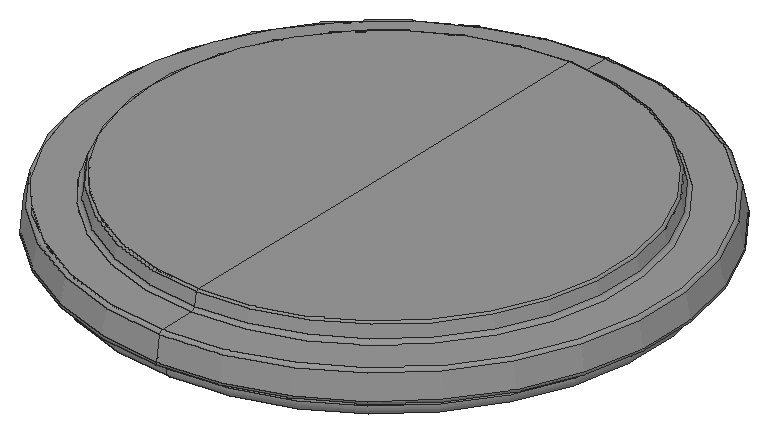
Revit family "FMK13_63_UN_Surface-mounted_ETK", category Lighting Fixtures, Revit 2017 (continued)
Definition of nested family "FMK.1 - Lightsource"
  Types (13, lengths in mm): name | Wattage Comments | Photometric Web File | built-in parameter 1150142 | Apparent Load
      25.7813\t106.5085\r\n88.2355\t70.5452\t54.1615\t7.8573\t0\t0\r\n604.9325\t604.7176\t603.7796\t601.7596\t599.0029\t595.4393\t591.2503\t586.1635\t580.3285\t573.8209\r\n566.5729\t558.4662\t549.5574\t539.959\t529.6359\t518.622\t506.8968\t494.5226\t481.3277\t467.6546\r\n453.3728\t438.6295\t423.5379\t407.4691\t390.6461\t373.1217\t355.4348\t337.4507\t319.172\t300.5231\r\n281.7847\t262.9024\t244.0497\t224.0008\t203.7622\t183.799\t164.2428\t144.9022\t125.7293\t107.5918\r\n88.8514\t71.1298\t54.4435\t38.5694\t0\t0\r\n604.9325\t604.7494\t603.8591\t602.1349\t599.1772\t595.6368\t591.4608\t586.3802\t580.5395\t573.9061\r\n566.6576\t558.7326\t549.8582\t540.3013\t530.0523\t519.0994\t507.4605\t495.1326\t482.1254\t468.5441\r\n454.2405\t439.307\t423.9316\t408.0499\t391.4158\t374.6547\t357.1749\t339.1212\t320.3753\t301.4552\r\n282.4058\t263.17\t243.6782\t224.3313\t205.2234\t185.5059\t165.095\t145.3835\t126.4193\t107.5003\r\n89.5871\t71.6948\t54.518\t36.9883\t0\t0\r\n604.9325\t604.7798\t603.933\t602.2606\t599.5824\t595.8575\t591.7058\t586.6435\t580.8116\t574.1898\r\n566.9202\t558.8521\t549.9829\t540.4445\t530.3688\t519.4493\t507.8531\t495.5801\t482.6631\t469.1248\r\n454.9178\t440.2534\t424.928\t409.1933\t392.26\t375.0811\t357.6797\t339.8697\t321.5662\t303.0997\r\n284.0796\t264.4382\t244.6256\t224.8094\t205.0348\t185.2383\t165.9856\t147.0073\t127.0858\t107.9981\r\n89.7259\t72.2025\t55.0032\t33.0733\t2.9733\t0\r\n604.9325\t604.8087\t604.0009\t602.3737\t599.7493\t596.298\t592.2\t587.1644\t581.1454\t574.5515\r\n567.2809\t559.2119\t550.3447\t540.7829\t530.5511\t519.5979\t508.0056\t495.7365\t482.8831\t469.4721\r\n455.32\t440.7056\t425.4497\t409.8313\t392.9182\t375.989\t358.654\t340.8931\t322.57\t303.9496\r\n284.9419\t265.4893\t245.963\t226.2227\t206.5172\t186.1591\t166.2968\t146.6662\t127.4699\t108.8866\r\n90.4763\t72.3236\t55.4787\t29.4388\t16.9564\t0\r\n604.9325\t604.8361\t604.0626\t602.4735\t599.8962\t596.4937\t592.4457\t587.4678\t581.7164\t575.1773\r\n567.9349\t559.8858\t551.0519\t541.472\t531.0513\t520.0748\t508.4733\t496.1692\t483.3366\t469.7223\r\n455.551\t440.858\t425.587\t409.8699\t393.2087\t376.3423\t359.0181\t341.2638\t323.0544\t304.5645\r\n285.6675\t266.4002\t246.9483\t227.2771\t207.4642\t187.5942\t167.7977\t148.0403\t128.3798\t109.277\r\n90.5235\t72.6235\t56.3199\t28.8061\t14.3084\t0\r\n604.9325\t604.8617\t604.1182\t602.5602\t600.0226\t596.6587\t592.6458\t587.7121\t581.9995\t575.508\r\n568.2964\t560.2824\t551.501\t541.9643\t531.743\t520.7781\t509.1995\t496.8891\t484.1302\t470.4742\r\n456.3108\t441.5572\t426.2844\t410.4684\t394.0507\t377.1843\t359.8341\t342\t323.7882\t305.1042\r\n286.137\t266.7921\t247.3055\t227.5948\t207.825\t187.6657\t167.8486\t148.2204\t128.7693\t109.6958\r\n91.0828\t73.0008\t55.7332\t28.5158\t9.2535\t5.8306\r\n604.9325\t604.8858\t604.1675\t602.6336\t600.1283\t596.7932\t592.7994\t587.8971\t582.2037\t575.7372\r\n568.5319\t560.5294\t551.7717\t542.2778\t531.8858\t520.932\t509.3938\t497.098\t484.3744\t470.7813\r\n456.6695\t441.9743\t426.7397\t410.9949\t394.281\t377.6255\t360.349\t342.6082\t324.4077\t305.9467\r\n287.057\t267.8093\t248.3563\t228.6492\t208.8539\t188.9518\t169.1246\t149.344\t129.7127\t110.5106\r\n91.7654\t73.7774\t57.5617\t24.3495\t13.0724\t0\r\n604.9325\t604.9084\t604.2102\t602.6933\t600.2132\t596.897\t592.9066\t588.0227\t582.1208\t575.6725\r\n568.4733\t560.4987\t551.7845\t542.3932\t532.2197\t521.3168\t509.8504\t497.6049\t484.9598\t471.5946\r\n457.5683\t442.9406\t427.7495\t412.0765\t395.0762\t378.5872\t361.3233\t343.5924\t325.3398\t306.7643\r\n287.7814\t268.4081\t248.9004\t229.0701\t209.3799\t189.1876\t169.2491\t149.5934\t130.3692\t111.7187\r\n93.1623\t74.832\t56.0552\t30.1574\t17.757\t0\r\n604.9325\t604.9291\t604.2466\t602.7396\t600.277\t596.7549\t592.7641\t587.9288\t582.2718\t575.869\r\n568.7055\t560.782\t552.1376\t542.8605\t532.8647\t522.03\t510.6246\t498.4005\t485.7799\t472.303\r\n458.2807\t443.627\t428.3966\t412.6847\t395.7487\t379.043\t361.726\t344.0152\t325.8533\t307.4149\r\n288.4358\t268.8734\t249.1853\t229.375\t209.698\t190.0696\t170.6999\t151.6406\t131.5559\t112.2365\r\n93.7694\t75.9803\t57.7978\t36.3903\t3.3572\t0\r\n604.9325\t604.9482\t604.2766\t602.7724\t600.1026\t596.8317\t592.8688\t588.0895\t582.4821\t576.1402\r\n569.0311\t561.2923\t552.7151\t543.5197\t533.3842\t522.5693\t511.1655\t498.9339\t486.2842\t472.7688\r\n458.7265\t443.8734\t428.6057\t412.8898\t396.4891\t379.9651\t362.5484\t344.6873\t326.0862\t307.3448\r\n288.413\t269.2614\t249.8982\t230.6041\t211.5997\t191.9184\t171.4046\t151.5305\t132.3891\t113.1712\r\n95.0695\t77.0752\t59.9131\t42.0633\t0\t0\r\n604.9325\t604.9657\t604.2998\t602.5548\t600.1553\t596.9302\t593.0054\t588.2927\t582.7506\t576.6036\r\n569.5235\t561.6924\t553.1393\t543.9534\t533.8105\t523.0168\t511.5622\t499.366\t486.4926\t472.912\r\n459.0179\t444.3755\t429.4063\t413.6832\t397.1754\t379.8273\t362.3066\t344.5457\t326.4347\t308.0495\r\n289.4402\t270.7576\t251.9841\t231.9745\t211.6746\t191.7028\t172.0756\t152.6103\t133.1779\t114.8662\r\n95.9878\t78.1761\t61.1735\t45.795\t0\t0\r\n604.9325\t604.9814\t604.3167\t602.5756\t600.2201\t597.0494\t593.1734\t588.5362\t583.1793\t576.9316\r\n569.8621\t562.0891\t553.565\t544.2694\t534.1347\t523.3515\t511.7317\t499.6292\t486.9379\t473.6955\r\n459.8412\t444.9777\t429.3063\t413.3894\t396.8997\t380.0432\t362.8271\t345.3781\t327.6307\t309.5314\r\n291.5164\t271.8122\t251.8804\t231.996\t212.4087\t192.9384\t172.9802\t153.4783\t134.9195\t115.44\r\n97.1203\t79.0755\t62.4054\t9.3896\t0\t0\r\n604.9325\t604.9956\t604.3272\t602.6031\t600.2962\t597.1889\t593.3721\t588.9141\t583.4623\t577.2196\r\n570.1627\t562.4154\t553.8858\t544.5341\t534.2984\t523.5728\t512.1948\t500.5208\t487.6946\t473.958\r\n459.5435\t444.6901\t429.4465\t413.7537\t397.3341\t380.8483\t363.9506\t346.8691\t329.6427\t310.5199\r\n291.273\t271.8245\t252.461\t233.1913\t213.8417\t193.4848\t174.0151\t155.267\t135.3556\t116.4813\r\n97.8216\t80.1325\t63.6547\t0\t0\t0\r\n604.9325\t605.0081\t604.1035\t602.6372\t600.3825\t597.3475\t593.707\t589.127\t583.7094\t577.482\r\n570.4302\t562.6996\t554.1438\t544.6663\t534.7057\t524.3891\t513.0044\t500.7896\t487.3524\t473.6975\r\n459.518\t445.0085\t429.9797\t414.6206\t398.4095\t382.2407\t365.9518\t348.2711\t329.3178\t310.5274\r\n291.5796\t272.7277\t253.9408\t234.0297\t214.0457\t194.5929\t175.6982\t155.4975\t136.2802\t117.3421\r\n98.7646\t81.3279\t72.1805\t0\t0\t0\r\n604.9325\t605.019\t604.1119\t602.6779\t600.4786\t597.6426\t593.9105\t589.3438\t583.9467\t577.7191\r\n570.6656\t562.8212\t554.3085\t545.0755\t535.5347\t524.721\t513.0291\t500.3333\t487.3226\t473.9116\r\n459.8662\t445.6658\t430.8177\t415.8479\t400.1212\t383.9482\t365.8834\t347.7302\t329.562\t311.2079\r\n292.7026\t274.2517\t254.2433\t234.5137\t215.2238\t196.2482\t175.8172\t156.3581\t137.1786\t118.0156\r\n99.7925\t82.5063\t18.8432\t0\t0\t0\r\n604.9325\t605.0283\t604.1218\t602.7247\t600.583\t597.8102\t594.1046\t589.5447\t584.1685\t577.9335\r\n570.7476\t563.1054\t554.7514\t545.9018\t535.7763\t524.3683\t512.6077\t500.3662\t487.5755\t474.3762\r\n460.5654\t446.5906\t432.1211\t417.8057\t401.602\t383.3793\t365.8497\t348.1423\t330.3051\t312.4086\r\n294.1318\t274.1954\t254.8095\t235.669\t216.8273\t196.3608\t176.5926\t157.4869\t137.7906\t118.858\r\n100.818\t83.5993\t0\t0\t0\t0\r\n604.9325\t605.0361\t604.1334\t602.7774\t600.7864\t597.9704\t594.2876\t589.7308\t584.3744\t578.1281\r\n571.0018\t563.4848\t555.5833\t546.1282\t535.3695\t524.2805\t512.6836\t500.6473\t488.0744\t475.1119\r\n461.6374\t447.8475\t434.0262\t417.6448\t400.9644\t383.6448\t366.3432\t349.0233\t331.7904\t313.5353\r\n294.0128\t274.8492\t255.877\t237.208\t216.8648\t197.0235\t177.7961\t157.8749\t138.4358\t119.7504\r\n101.8852\t92.4739\t0\t0\t0\t0\r\n604.9325\t605.0425\t604.1466\t602.848\t600.8972\t598.1214\t594.4589\t589.9031\t584.5647\t578.2256\r\n571.3187\t564.2473\t555.8092\t545.7075\t535.2392\t524.3842\t512.9437\t501.1112\t488.7997\t476.1064\r\n463.0374\t449.343\t433.5399\t417.2783\t400.9627\t384.2803\t367.2588\t350.5131\t332.268\t313.3683\r\n294.6133\t275.9463\t257.4891\t237.3023\t217.356\t197.9306\t178.3323\t158.4724\t139.2137\t120.6822\r\n102.8483\t57.3578\t0\t0\t0\t0\r\n604.9325\t605.0474\t604.1608\t602.9137\t601.0014\t598.264\t594.6171\t590.063\t584.6305\t578.4959\r\n572.0294\t564.4703\t555.3483\t545.5818\t535.2777\t524.6268\t513.4049\t501.7638\t489.7543\t477.3344\r\n464.4028\t448.8923\t433.3396\t417.5334\t401.4281\t385.097\t368.9335\t350.8398\t332.2947\t313.863\r\n295.5771\t277.519\t257.6565\t237.7254\t218.1962\t199.0534\t178.7354\t159.0786\t140.0851\t121.6497\r\n103.8155\t0\t0\t0\t0\t0\r\n604.9325\t605.051\t604.176\t602.9834\t601.0992\t598.3979\t594.7648\t590.2104\t584.8219\t578.8225\r\n572.3363\t564.4139\t555.1729\t545.6088\t535.5075\t525.0194\t514.047\t502.6184\t490.9152\t478.6035\r\n463.8731\t448.8367\t433.4799\t418.0245\t402.1397\t386.5322\t369.0536\t350.9647\t332.8257\t314.7378\r\n297.0853\t277.7551\t257.9227\t238.481\t219.5016\t199.2458\t179.2974\t159.8236\t140.9368\t122.5844\r\n114.5266\t0\t0\t0\t0\t0\r\n604.9325\t604.8195\t604.1772\t603.163\t601.191\t598.5255\t594.895\t590.2198\t585.0512\t579.5204\r\n572.4719\t563.9005\t555.1175\t545.7701\t535.8495\t525.5278\t514.821\t503.6348\t492.264\t478.147\r\n463.7272\t448.9998\t433.9643\t418.7961\t403.6464\t387.1038\t369.0804\t351.3617\t333.5972\t315.9873\r\n297.742\t277.8849\t258.5245\t239.3997\t219.9055\t199.7153\t179.9419\t160.6418\t141.8696\t123.5432\r\n87.3022\t0\t0\t0\t0\t0\r\n604.9325\t604.8214\t604.1941\t603.235\t601.2774\t598.653\t595.016\t590.3749\t585.3173\t579.7601\r\n572.4333\t563.7933\t555.2071\t545.9861\t536.2842\t526.1054\t515.7411\t505.1648\t491.8617\t477.9997\r\n463.7712\t449.4027\t434.6692\t419.8185\t404.4636\t386.7505\t369.4002\t352.0054\t334.6783\t317.1876\r\n297.6146\t278.2823\t259.2507\t240.5064\t220.1321\t200.1444\t180.6201\t161.5081\t142.8095\t124.5313\r\n13.8642\t0\t0\t0\t0\t0\r\n604.9325\t604.8236\t604.2119\t603.3019\t601.3588\t598.7555\t595.1265\t590.5663\t585.9635\t579.8593\r\n571.9911\t563.7863\t555.3307\t546.2508\t536.8328\t526.9331\t517.2336\t505.4984\t491.6135\t478.0339\r\n464.0981\t449.9708\t435.6618\t421.0393\t404.0675\t387.0188\t369.9272\t352.9161\t336.0984\t317.049\r\n297.8658\t278.9167\t260.1671\t240.5732\t220.4028\t200.641\t181.2542\t162.264\t143.6971\t138.9319\r\n0\t0\t0\t0\t0\t0\r\n604.9325\t604.8263\t604.2307\t603.3631\t601.4313\t598.8452\t595.1065\t590.8151\t586.1914\t579.822\r\n571.9271\t563.8539\t555.4675\t546.661\t537.4583\t527.8618\t517.6741\t504.7744\t491.6731\t478.2434\r\n464.6017\t450.7338\t436.9828\t420.7421\t404.1424\t387.4658\t370.696\t354.016\t336.1698\t317.1983\r\n298.3815\t279.7143\t261.0886\t240.6791\t220.7372\t201.1309\t181.8626\t163.0016\t144.4475\t122.5815\r\n0\t0\t0\t0\t0\t0\r\n604.9325\t604.8296\t604.2504\t603.4181\t601.5048\t598.9231\t595.2406\t591.0574\t586.306\t579.3415\r\n571.9105\t564.0096\t555.7297\t547.2433\t538.1409\t529.1692\t517.1897\t504.6634\t491.8013\t478.5756\r\n465.2881\t452.0592\t437.3133\t420.7778\t404.3743\t388.0399\t371.6653\t355.0642\t336.1889\t317.5424\r\n298.9986\t280.8707\t261.0621\t240.914\t221.1175\t201.6401\t182.4991\t163.6658\t145.1424\t84.3257\r\n0\t0\t0\t0\t0\t0\r\n604.9325\t604.8332\t604.2709\t603.4669\t601.5763\t598.9896\t595.3813\t591.6653\t586.3048\t579.2256\r\n571.9268\t564.2159\t556.1016\t547.8041\t538.8916\t529.4947\t517.0631\t504.6077\t491.9608\t479.1972\r\n466.0487\t452.7796\t436.8262\t420.8991\t404.8605\t388.7535\t372.9693\t354.883\t336.3385\t317.986\r\n299.7762\t281.4547\t261.1226\t241.2359\t221.6059\t202.209\t183.1578\t164.3804\t145.8553\t11.7624\r\n0\t0\t0\t0\t0\t0\r\n604.9325\t604.8742\t604.2921\t603.4941\t601.6459\t599.0296\t595.534\t591.8113\t586.2424\t579.1327\r\n571.9926\t564.4765\t556.5369\t548.3248\t540.2008\t528.8722\t517.0076\t504.7376\t492.349\t479.714\r\n467.3129\t452.606\t436.9139\t421.1267\t405.4395\t389.6556\t373.4059\t354.9124\t336.7214\t318.5644\r\n300.8615\t281.2211\t261.3039\t241.5416\t222.049\t202.8204\t183.8329\t165.0665\t157.8062\t0\r\n0\t0\t0\t0\t0\t0\r\n604.9325\t604.8778\t604.3138\t603.5305\t601.7141\t599.0846\t595.6937\t591.9235\t585.8046\t579.085\r\n572.1029\t564.7578\t557.0364\t548.9977\t540.5541\t528.6643\t516.9564\t505.0054\t492.8264\t480.4248\r\n467.8389\t452.4841\t437.2894\t421.6733\t406.0593\t390.8949\t373.0813\t355.0514\t337.1284\t319.303\r\n301.3591\t281.2466\t261.4669\t241.8581\t222.5305\t203.3664\t184.4454\t165.7848\t137.4772\t0\r\n0\t0\t0\t0\t0\t0\r\n604.9325\t604.8809\t604.3362\t603.5621\t601.7811\t599.0352\t595.8464\t591.9852\t585.7061\t579.0857\r\n572.2264\t565.0563\t557.5744\t550.165\t540.3995\t528.673\t517.0206\t505.3604\t493.3723\t481.6559\r\n467.3623\t452.552\t437.5387\t422.5383\t407.0626\t391.1192\t373.1518\t355.3501\t337.6537\t320.3056\r\n301.165\t281.3401\t261.6688\t242.21\t222.9713\t203.9042\t185.0535\t166.4117\t103.1682\t0\r\n0\t0\t0\t0\t0\t0\r\n604.9325\t604.8836\t604.359\t603.5893\t601.8694\t599.1105\t596.0133\t592.0398\t585.6138\t579.1319\r\n572.3514\t565.3855\t558.1204\t550.6032\t539.7275\t528.6462\t517.2427\t505.6569\t494.0788\t482.057\r\n467.3569\t452.5819\t437.9086\t423.1364\t408.6546\t391.0243\t373.2044\t355.7272\t338.2397\t320.9029\r\n301.111\t281.4142\t261.9364\t242.5968\t223.431\t204.436\t185.6287\t167.0034\t27.572\t0\r\n0\t0\t0\t0\t0\t0\r\n604.9325\t604.8855\t604.4761\t603.6117\t601.9217\t599.2035\t596.533\t591.9864\t585.5043\t579.2184\r\n572.5425\t565.734\t558.6618\t550.7546\t539.5884\t528.6359\t517.5185\t506.1812\t495.04\t482.1849\r\n467.305\t452.8559\t438.287\t423.7604\t408.9102\t391.2459\t373.6942\t356.1472\t338.8603\t321.0491\r\n301.0713\t281.5636\t262.175\t242.9288\t223.8638\t204.9514\t186.2113\t182.0587\t1.1881\t0\r\n0\t0\t0\t0\t0\t0\r\n604.9325\t604.8867\t604.5028\t603.6293\t601.9638\t599.2994\t596.645\t591.5011\t585.4756\t579.3018\r\n572.8016\t566.036\t559.6409\t550.1491\t539.5084\t528.714\t517.8046\t506.6744\t495.6339\t481.5654\r\n467.4352\t453.0708\t438.8115\t424.8445\t408.3959\t391.1553\t373.9573\t356.7332\t339.7814\t320.6058\r\n301.0831\t281.6948\t262.4118\t243.275\t224.2954\t205.4324\t186.6954\t167.9441\t0\t0\r\n0\t0\t0\t0\t0\t0\r\n604.9325\t604.887\t604.5236\t603.6425\t601.9959\t599.3986\t596.7257\t591.3548\t585.5182\t579.363\r\n573.0573\t566.424\t559.9176\t549.9196\t539.5158\t528.8377\t518.1153\t507.2742\t495.7579\t481.5916\r\n467.4632\t453.474\t439.2698\t425.2443\t408.263\t391.2061\t374.1569\t357.1614\t340.0716\t320.4624\r\n301.0867\t281.8107\t262.6444\t243.5924\t224.6723\t205.8572\t187.1718\t144.9784\t0\t0\r\n0\t0\t0\t0\t0\t0\r\n604.9325\t604.8865\t604.5428\t603.6338\t602.0103\t599.4978\t596.7763\t591.2522\t585.5281\t579.4668\r\n573.3066\t566.9192\t559.9588\t549.7513\t539.4872\t529.0692\t518.4253\t508.1923\t495.3851\t481.5092\r\n467.7242\t453.7447\t439.9175\t425.2779\t408.1339\t391.3024\t374.4758\t357.6287\t340.0586\t320.3781\r\n301.1083\t281.913\t262.8388\t243.8776\t225.0242\t206.2552\t187.5981\t115.0009\t0\t0\r\n0\t0\t0\t0\t0\t0\r\n604.9325\t604.885\t604.5606\t603.645\t602.0264\t599.5935\t596.8163\t591.1682\t585.5125\t579.6428\r\n573.535\t567.325\t560.0188\t549.5766\t539.5151\t529.2436\t518.8689\t508.4588\t495.2237\t481.6326\r\n467.8736\t454.23\t440.7564\t424.7799\t408.1443\t391.3969\t374.7627\t358.4102\t339.5867\t320.3059\r\n301.1296\t282.0313\t263.0322\t244.1182\t225.3098\t206.5909\t208.5256\t41.0682\t0\t0\r\n0\t0\t0\t0\t0\t0\r\n604.9325\t604.8822\t604.5765\t603.6541\t602.0366\t599.6814\t596.7991\t591.1051\t585.5226\t579.7912\r\n573.7965\t568.1624\t559.4207\t549.5037\t539.5662\t529.4615\t519.2377\t508.6864\t495.0436\t481.679\r\n468.2064\t454.598\t441.0964\t424.6947\t408.1124\t391.6374\t375.1268\t358.6007\t339.3875\t320.2485\r\n301.1794\t282.1608\t263.2234\t244.3607\t225.5868\t206.9026\t205.2836\t16.995\t0\t0\r\n0\t0\t0\t0\t0\t0\r\n604.9325\t604.8785\t604.5908\t603.6633\t601.9395\t599.7647\t596.7418\t591.06\t585.5485\t579.8973\r\n574.0964\t568.3927\t559.2244\t549.5165\t539.6473\t529.7217\t519.6586\t508.6422\t495.0411\t481.7111\r\n468.4364\t455.1131\t441.2729\t424.5622\t408.1888\t391.8366\t375.4632\t358.6633\t339.2702\t320.1939\r\n301.1714\t282.2413\t263.3757\t244.584\t225.8505\t207.1891\t196.3747\t0\t0\t0\r\n0\t0\t0\t0\t0\t0\r\n604.9325\t604.8733\t604.6033\t603.6729\t601.9265\t600.2331\t596.6322\t591.0364\t585.5873\t580.0245\r\n574.3594\t568.5711\t559.0794\t549.4846\t539.7647\t529.9902\t520.5131\t508.1301\t494.9934\t481.8595\r\n468.6626\t455.4659\t441.221\t424.5762\t408.315\t392.0382\t376.1636\t358.1518\t339.119\t320.1416\r\n301.21\t282.3326\t263.5119\t244.7525\t226.0488\t207.4163\t183.0863\t0\t0\t0\r\n0\t0\t0\t0\t0\t0\r\n604.9325\t604.8668\t604.6139\t603.695\t601.9318\t600.3013\t596.5338\t590.9823\t585.6512\t580.1659\r\n574.5935\t568.6407\t558.9834\t549.4782\t539.8949\t530.2134\t520.7044\t508.0583\t495.0091\t481.9755\r\n468.936\t456.1777\t440.6073\t424.4889\t408.3795\t392.2535\t376.4444\t357.9475\t338.9762\t320.0694\r\n301.208\t282.3868\t263.6237\t244.9007\t226.2289\t207.6039\t166.6342\t0\t0\t0\r\n0\t0\t0\t0\t0\t0\r\n604.9325\t604.8591\t604.6493\t603.703\t601.9417\t600.3485\t596.0679\t590.8989\t585.6858\t580.3035\r\n574.8415\t568.6032\t558.9126\t549.5162\t540.0334\t530.4923\t520.8077\t507.8674\t495.0311\t482.1225\r\n469.1845\t456.3674\t440.4697\t424.4357\t408.4313\t392.4354\t376.5266\t357.6959\t338.8194\t319.9882\r\n301.1811\t282.4086\t263.6716\t244.9804\t226.3421\t207.7361\t148.0797\t0\t0\t0\r\n0\t0\t0\t0\t0\t0\r\n604.9325\t604.8499\t604.6541\t603.708\t601.9557\t600.3666\t595.9812\t590.8541\t585.6659\t580.4378\r\n575.0686\t568.5408\t558.8013\t549.5237\t540.1919\t530.7662\t520.8701\t507.7843\t494.9614\t482.1637\r\n469.3976\t456.3809\t440.3147\t424.4104\t408.4891\t392.588\t376.4753\t357.4762\t338.6657\t319.8723\r\n301.1199\t282.3935\t263.7053\t245.055\t226.4221\t207.8132\t128.3104\t0\t0\t0\r\n0\t0\t0\t0\t0\t0\r\n604.9325\t604.8391\t604.6536\t603.7099\t601.9915\t600.3844\t595.8953\t590.8399\t585.6779\t580.4851\r\n575.7618\t567.9273\t558.7536\t549.4945\t540.2391\t530.9988\t520.839\t507.746\t495.0258\t482.2626\r\n469.5282\t456.2376\t440.1362\t424.3591\t408.547\t392.7352\t376.3568\t357.2544\t338.4904\t319.7454\r\n301.0327\t282.3506\t263.6906\t245.0533\t226.4334\t230.4994\t61.4906\t0\t0\t0\r\n0\t0\t0\t0\t0\t0\r\n604.9325\t604.827\t604.6476\t603.7081\t602.0045\t600.3945\t595.8023\t590.8088\t585.7376\t580.
